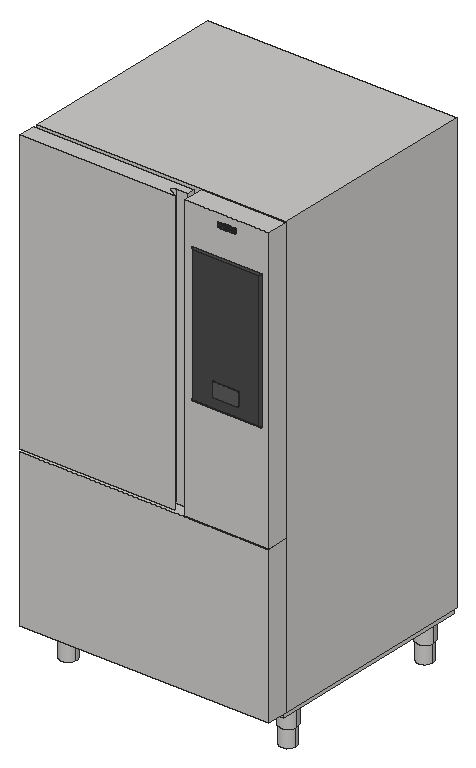
Revit family "QF_ZANUSSI_110547_ZBFA11E", category Specialty Equipment, Revit 2018 (continued)
Lines and regions (mm)
  Split face 234
    outline origin (-5.81, -295.149, -99.118) x (-1, 0, 0) y (0, 0, -1)
      loop
        line (490.638, -548.639) -> (600.654, -548.639) -> (600.654, -543.665) -> (490.638, -543.665) -> (490.638, -548.639)
  Split face 235
    outline origin (-5.81, -295.149, -89.618) x (-1, 0, 0) y (0, 0, -1)
      loop
        line (490.638, -548.639) -> (600.654, -548.639) -> (600.654, -543.665) -> (490.638, -543.665) -> (490.638, -548.639)
  Split face 236
    outline origin (-5.81, -295.149, -80.117) x (-1, 0, 0) y (0, 0, -1)
      loop
        line (490.638, -548.639) -> (600.654, -548.639) -> (600.654, -543.665) -> (490.638, -543.665) -> (490.638, -548.639)
  Split face 237
    outline origin (-5.81, -295.149, -70.617) x (-1, 0, 0) y (0, 0, -1)
      loop
        line (490.638, -548.639) -> (600.654, -548.639) -> (600.654, -543.665) -> (490.638, -543.665) -> (490.638, -548.639)
  Split face 238
    outline origin (-5.81, -295.149, -61.117) x (-1, 0, 0) y (0, 0, -1)
      loop
        line (490.638, -548.639) -> (600.654, -548.639) -> (600.654, -543.665) -> (490.638, -543.665) -> (490.638, -548.639)
  Split face 239
    outline origin (-5.81, -295.149, -51.617) x (-1, 0, 0) y (0, 0, -1)
      loop
        line (490.638, -548.639) -> (600.654, -548.639) -> (600.654, -543.665) -> (490.638, -543.665) -> (490.638, -548.639)
  Split face 240
    outline origin (-5.81, -295.149, -42.117) x (-1, 0, 0) y (0, 0, -1)
      loop
        line (490.638, -548.639) -> (600.654, -548.639) -> (600.654, -543.665) -> (490.638, -543.665) -> (490.638, -548.639)
  Split face 241
    outline origin (-5.81, -295.149, -32.617) x (-1, 0, 0) y (0, 0, -1)
      loop
        line (490.638, -548.639) -> (600.654, -548.639) -> (600.654, -543.665) -> (490.638, -543.665) -> (490.638, -548.639)
  Split face 242
    outline origin (-5.81, -295.149, -23.117) x (-1, 0, 0) y (0, 0, -1)
      loop
        line (490.638, -548.639) -> (600.654, -548.639) -> (600.654, -543.665) -> (490.638, -543.665) -> (490.638, -548.639)
  Split face 243
    outline origin (-5.81, -295.149, -13.617) x (-1, 0, 0) y (0, 0, -1)
      loop
        line (490.638, -548.639) -> (600.654, -548.639) -> (600.654, -543.665) -> (490.638, -543.665) -> (490.638, -548.639)
  Split face 244
    outline origin (-5.81, -295.149, -4.117) x (-1, 0, 0) y (0, 0, -1)
      loop
        line (490.638, -548.639) -> (600.654, -548.639) -> (600.654, -543.665) -> (490.638, -543.665) -> (490.638, -548.639)
  Split face 245
    outline origin (-5.81, -295.149, 5.383) x (-1, 0, 0) y (0, 0, -1)
      loop
        line (490.638, -548.639) -> (600.654, -548.639) -> (600.654, -543.665) -> (490.638, -543.665) -> (490.638, -548.639)
  Split face 246
    outline origin (-5.81, -295.149, 14.883) x (-1, 0, 0) y (0, 0, -1)
      loop
        line (490.638, -548.639) -> (600.654, -548.639) -> (600.654, -543.665) -> (490.638, -543.665) -> (490.638, -548.639)
  Split face 247
    outline origin (-125.802, -295.149, -365.12) x (-1, 0, 0) y (0, 0, -1)
      loop
        line (490.638, -548.639) -> (600.654, -548.639) -> (600.654, -543.665) -> (490.638, -543.665) -> (490.638, -548.639)
  Split face 248
    outline origin (-125.802, -295.149, -355.62) x (-1, 0, 0) y (0, 0, -1)
      loop
        line (490.638, -548.639) -> (600.654, -548.639) -> (600.654, -543.665) -> (490.638, -543.665) -> (490.638, -548.639)
  Split face 249
    outline origin (-125.802, -295.149, -346.12) x (-1, 0, 0) y (0, 0, -1)
      loop
        line (490.638, -548.639) -> (600.654, -548.639) -> (600.654, -543.665) -> (490.638, -543.665) -> (490.638, -548.639)
  Split face 250
    outline origin (-125.802, -295.149, -336.62) x (-1, 0, 0) y (0, 0, -1)
      loop
        line (490.638, -548.639) -> (600.654, -548.639) -> (600.654, -543.665) -> (490.638, -543.665) -> (490.638, -548.639)
  Split face 251
    outline origin (-125.802, -295.149, -327.12) x (-1, 0, 0) y (0, 0, -1)
      loop
        line (490.638, -548.639) -> (600.654, -548.639) -> (600.654, -543.665) -> (490.638, -543.665) -> (490.638, -548.639)
  Split face 252
    outline origin (-125.802, -295.149, -317.619) x (-1, 0, 0) y (0, 0, -1)
      loop
        line (490.638, -548.639) -> (600.654, -548.639) -> (600.654, -543.665) -> (490.638, -543.665) -> (490.638, -548.639)
  Split face 253
    outline origin (-125.802, -295.149, -308.119) x (-1, 0, 0) y (0, 0, -1)
      loop
        line (490.638, -548.639) -> (600.654, -548.639) -> (600.654, -543.665) -> (490.638, -543.665) -> (490.638, -548.639)
  Split face 254
    outline origin (-125.802, -295.149, -298.619) x (-1, 0, 0) y (0, 0, -1)
      loop
        line (490.638, -548.639) -> (600.654, -548.639) -> (600.654, -543.665) -> (490.638, -543.665) -> (490.638, -548.639)
  Split face 255
    outline origin (-125.802, -295.149, -289.119) x (-1, 0, 0) y (0, 0, -1)
      loop
        line (490.638, -548.639) -> (600.654, -548.639) -> (600.654, -543.665) -> (490.638, -543.665) -> (490.638, -548.639)
  Split face 256
    outline origin (-125.802, -295.149, -279.619) x (-1, 0, 0) y (0, 0, -1)
      loop
        line (490.638, -548.639) -> (600.654, -548.639) -> (600.654, -543.665) -> (490.638, -543.665) -> (490.638, -548.639)
  Split face 257
    outline origin (-125.802, -295.149, -270.119) x (-1, 0, 0) y (0, 0, -1)
      loop
        line (490.638, -548.639) -> (600.654, -548.639) -> (600.654, -543.665) -> (490.638, -543.665) -> (490.638, -548.639)
  Split face 258
    outline origin (-125.802, -295.149, -260.619) x (-1, 0, 0) y (0, 0, -1)
      loop
        line (490.638, -548.639) -> (600.654, -548.639) -> (600.654, -543.665) -> (490.638, -543.665) -> (490.638, -548.639)
  Split face 259
    outline origin (-125.802, -295.149, -251.119) x (-1, 0, 0) y (0, 0, -1)
      loop
        line (490.638, -548.639) -> (600.654, -548.639) -> (600.654, -543.665) -> (490.638, -543.665) -> (490.638, -548.639)
  Split face 260
    outline origin (-125.802, -295.149, -241.619) x (-1, 0, 0) y (0, 0, -1)
      loop
        line (490.638, -548.639) -> (600.654, -548.639) -> (600.654, -543.665) -> (490.638, -543.665) -> (490.638, -548.639)
  Split face 261
    outline origin (-125.802, -295.149, -232.119) x (-1, 0, 0) y (0, 0, -1)
      loop
        line (490.638, -548.639) -> (600.654, -548.639) -> (600.654, -543.665) -> (490.638, -543.665) -> (490.638, -548.639)
  Split face 262
    outline origin (-125.802, -295.149, -222.619) x (-1, 0, 0) y (0, 0, -1)
      loop
        line (490.638, -548.639) -> (600.654, -548.639) -> (600.654, -543.665) -> (490.638, -543.665) -> (490.638, -548.639)
  Split face 263
    outline origin (-125.802, -295.149, -213.119) x (-1, 0, 0) y (0, 0, -1)
      loop
        line (490.638, -548.639) -> (600.654, -548.639) -> (600.654, -543.665) -> (490.638, -543.665) -> (490.638, -548.639)
  Split face 264
    outline origin (-125.802, -295.149, -203.619) x (-1, 0, 0) y (0, 0, -1)
      loop
        line (490.638, -548.639) -> (600.654, -548.639) -> (600.654, -543.665) -> (490.638, -543.665) -> (490.638, -548.639)
  Split face 265
    outline origin (-125.802, -295.149, -194.118) x (-1, 0, 0) y (0, 0, -1)
      loop
        line (490.638, -548.639) -> (600.654, -548.639) -> (600.654, -543.665) -> (490.638, -543.665) -> (490.638, -548.639)
  Split face 266
    outline origin (-125.802, -295.149, -184.618) x (-1, 0, 0) y (0, 0, -1)
      loop
        line (490.638, -548.639) -> (600.654, -548.639) -> (600.654, -543.665) -> (490.638, -543.665) -> (490.638, -548.639)
  Split face 267
    outline origin (-125.802, -295.149, -175.118) x (-1, 0, 0) y (0, 0, -1)
      loop
        line (490.638, -548.639) -> (600.654, -548.639) -> (600.654, -543.665) -> (490.638, -543.665) -> (490.638, -548.639)
  Split face 268
    outline origin (-125.802, -295.149, -165.618) x (-1, 0, 0) y (0, 0, -1)
      loop
        line (490.638, -548.639) -> (600.654, -548.639) -> (600.654, -543.665) -> (490.638, -543.665) -> (490.638, -548.639)
  Split face 269
    outline origin (-125.802, -295.149, -156.118) x (-1, 0, 0) y (0, 0, -1)
      loop
        line (490.638, -548.639) -> (600.654, -548.639) -> (600.654, -543.665) -> (490.638, -543.665) -> (490.638, -548.639)
  Split face 270
    outline origin (-125.802, -295.149, -146.618) x (-1, 0, 0) y (0, 0, -1)
      loop
        line (490.638, -548.639) -> (600.654, -548.639) -> (600.654, -543.665) -> (490.638, -543.665) -> (490.638, -548.639)
  Split face 271
    outline origin (-125.802, -295.149, -137.118) x (-1, 0, 0) y (0, 0, -1)
      loop
        line (490.638, -548.639) -> (600.654, -548.639) -> (600.654, -543.665) -> (490.638, -543.665) -> (490.638, -548.639)
  Split face 272
    outline origin (-125.802, -295.149, -127.618) x (-1, 0, 0) y (0, 0, -1)
      loop
        line (490.638, -548.639) -> (600.654, -548.639) -> (600.654, -543.665) -> (490.638, -543.665) -> (490.638, -548.639)
  Split face 273
    outline origin (-125.802, -295.149, -118.118) x (-1, 0, 0) y (0, 0, -1)
      loop
        line (490.638, -548.639) -> (600.654, -548.639) -> (600.654, -543.665) -> (490.638, -543.665) -> (490.638, -548.639)
  Split face 274
    outline origin (-125.802, -295.149, -108.618) x (-1, 0, 0) y (0, 0, -1)
      loop
        line (490.638, -548.639) -> (600.654, -548.639) -> (600.654, -543.665) -> (490.638, -543.665) -> (490.638, -548.639)
  Split face 275
    outline origin (-125.802, -295.149, -99.118) x (-1, 0, 0) y (0, 0, -1)
      loop
        line (490.638, -548.639) -> (600.654, -548.639) -> (600.654, -543.665) -> (490.638, -543.665) -> (490.638, -548.639)
  Split face 276
    outline origin (-125.802, -295.149, -89.618) x (-1, 0, 0) y (0, 0, -1)
      loop
        line (490.638, -548.639) -> (600.654, -548.639) -> (600.654, -543.665) -> (490.638, -543.665) -> (490.638, -548.639)
  Split face 277
    outline origin (-125.802, -295.149, -80.117) x (-1, 0, 0) y (0, 0, -1)
      loop
        line (490.638, -548.639) -> (600.654, -548.639) -> (600.654, -543.665) -> (490.638, -543.665) -> (490.638, -548.639)
  Split face 278
    outline origin (-125.802, -295.149, -70.617) x (-1, 0, 0) y (0, 0, -1)
      loop
        line (490.638, -548.639) -> (600.654, -548.639) -> (600.654, -543.665) -> (490.638, -543.665) -> (490.638, -548.639)
  Split face 279
    outline origin (-125.802, -295.149, -61.117) x (-1, 0, 0) y (0, 0, -1)
      loop
        line (490.638, -548.639) -> (600.654, -548.639) -> (600.654, -543.665) -> (490.638, -543.665) -> (490.638, -548.639)
  Split face 280
    outline origin (-125.802, -295.149, -51.617) x (-1, 0, 0) y (0, 0, -1)
      loop
        line (490.638, -548.639) -> (600.654, -548.639) -> (600.654, -543.665) -> (490.638, -543.665) -> (490.638, -548.639)
  Split face 281
    outline origin (-125.802, -295.149, -42.117) x (-1, 0, 0) y (0, 0, -1)
      loop
        line (490.638, -548.639) -> (600.654, -548.639) -> (600.654, -543.665) -> (490.638, -543.665) -> (490.638, -548.639)
  Split face 282
    outline origin (-125.802, -295.149, -32.617) x (-1, 0, 0) y (0, 0, -1)
      loop
        line (490.638, -548.639) -> (600.654, -548.639) -> (600.654, -543.665) -> (490.638, -543.665) -> (490.638, -548.639)
  Split face 283
    outline origin (-125.802, -295.149, -23.117) x (-1, 0, 0) y (0, 0, -1)
      loop
        line (490.638, -548.639) -> (600.654, -548.639) -> (600.654, -543.665) -> (490.638, -543.665) -> (490.638, -548.639)
  Split face 284
    outline origin (-125.802, -295.149, -13.617) x (-1, 0, 0) y (0, 0, -1)
      loop
        line (490.638, -548.639) -> (600.654, -548.639) -> (600.654, -543.665) -> (490.638, -543.665) -> (490.638, -548.639)
  Split face 285
    outline origin (-125.802, -295.149, -4.117) x (-1, 0, 0) y (0, 0, -1)
      loop
        line (490.638, -548.639) -> (600.654, -548.639) -> (600.654, -543.665) -> (490.638, -543.665) -> (490.638, -548.639)
  Split face 286
    outline origin (-125.802, -295.149, 5.383) x (-1, 0, 0) y (0, 0, -1)
      loop
        line (490.638, -548.639) -> (600.654, -548.639) -> (600.654, -543.665) -> (490.638, -543.665) -> (490.638, -548.639)
  Split face 287
    outline origin (-125.802, -295.149, 14.883) x (-1, 0, 0) y (0, 0, -1)
      loop
        line (490.638, -548.639) -> (600.654, -548.639) -> (600.654, -543.665) -> (490.638, -543.665) -> (490.638, -548.639)
  symbolic lines
    curve 1: line (-759, 547.851, 1731) -> (136, 547.851, 1731)
    curve 2: line (-759, -219.149, 1731) -> (-759, 547.851, 1731)
    curve 3: line (136, -295.149, 1731) -> (-166, -295.149, 1731)
    curve 4: line (136, 547.851, 1731) -> (136, -295.149, 1731)
    curve 5: line (-139.183, 547.851, 1731) -> (-131.09, 639.851, 1731)
    curve 6: line (-131.09, 639.851, 1731) -> (33.141, 639.851, 1731)
    curve 7: line (33.141, 639.851, 1731) -> (41.234, 547.851, 1731)
    curve 8: line (56.5, 576.851, 1731) -> (77.5, 576.851, 1731)
    curve 9: line (77.5, 576.851, 1731) -> (77.5, 547.851, 1731)
    curve 10: line (56.5, 576.851, 1731) -> (56.5, 547.851, 1731)
    curve 11: line (104, -300.149, 1731) -> (-134, -300.149, 1731)
    curve 12: line (-134, -300.149, 1731) -> (-142, -295.149, 1731)
    curve 13: line (104, -300.149, 1731) -> (112, -295.149, 1731)
    curve 18: line (-166, -295.149, 0) -> (-166, -219.149, 0)
    curve 19: line (-166, -219.149, 0) -> (-759, -219.149, 0)
    curve 20: line (-759, -235.149, 0) -> (-180.8, -235.149, 0)
    curve 21: line (-759, -295.149, 0) -> (-759, -235.149, 0)
    curve 22: line (-202.762, -295.149, 0) -> (-759, -295.149, 0)
    curve 23: line (-180.8, -235.149, 0) -> (-180.8, -262.922, 0)
    curve 27: line (-180.8, -262.922, 0) -> (-226.108, -262.922, 0)
    curve 28: arc (-226.108, -262.922, 0) -> (-234.232, -269.056, 0) -> (-230.468, -278.514, 0) r 8.395
    curve 29: line (-230.468, -278.514, 0) -> (-202.762, -295.149, 0)
  symbolic lines, style "QF_Door-Drawer Clearances", visible <- "Show Clearance"
    curve 14: arc (-180.8, -295.149, 1731) -> (-338.805, -665.108, 1731) -> (-705, -831.649, 1731) r 556
    curve 15: line (-765, -809.687, 1731) -> (-765, -295.149, 1731)
    curve 16: line (-705, -831.649, 1731) -> (-732.773, -831.649, 1731)
    curve 17: line (-705, -831.649, 1731) -> (-705, -295.149, 1731)
  symbolic lines, style "QF_Door-Drawer Clearances"
    curve 24: line (-748.365, -781.981, 0) -> (-765, -809.687, 0)
    curve 25: arc (-732.773, -786.341, 0) -> (-738.907, -778.217, 0) -> (-748.365, -781.981, 0) r 8.395
    curve 26: line (-732.773, -831.649, 0) -> (-732.773, -786.341, 0)
Dimensions and locks
  equal spacing: plane 4 "LEFT", plane 3 "Center Y", plane 6 "RIGHT"
  plane 4 "LEFT" to plane 6 "RIGHT" = 895 mm
  plane 5 "BACK" to plane 7 "FRONT" = 843 mm
  equal spacing: plane 5 "BACK", plane 1 "Center X", plane 7 "FRONT"
  cut or joined group of Extrusion 1, Extrusion 2, Extrusion 3, Extrusion 5, Extrusion 6, Extrusion 7, Extrusion 11 to Extrusion 3 sketch curve = 826 mm
  level to Extrusion 3 sketch curve = 593 mm
  plane 5 "BACK" to Extrusion 6 sketch curve = 398 mm
  plane 4 "LEFT" to Extrusion 6 sketch curve = 400 mm
  Extrusion 3 sketch curve to plane 4 "LEFT" = 826 mm
  aligned and locked: level to plane 2
  aligned and locked: plane 12 to nested 3
  aligned and locked: plane 12 to nested 2
  aligned and locked: plane 10 to nested 1
  aligned and locked: plane 10 to nested 4
  aligned and locked: nested 4 to plane 11
  aligned and locked: nested 3 to plane 11
  aligned and locked: nested 1 to plane 13
  aligned and locked: nested 2 to plane 13
Automatic sketch dimensions
  Extrusion 1 sketch curve to plane 5 "BACK" = 0 mm
  Extrusion 1 sketch curve to plane 6 "RIGHT" = 0 mm
  Extrusion 1 sketch curve to plane 4 "LEFT" = 0 mm
  Extrusion 1 sketch curve to plane 13 = 75 mm
  Extrusion 2 sketch curve to plane 5 "BACK" = 0 mm
  Extrusion 2 sketch curve to plane 14 = 0 mm  (x5)
  Extrusion 2 sketch curve to plane 14 = 10 mm
  Extrusion 2 sketch curve to plane 14 = 8 mm
  Extrusion 2 sketch curve to plane 14 = 7.305 mm
  Extrusion 2 sketch curve to plane 14 = 4.997 mm
  plane 14 to Extrusion 2 sketch curve = 8.773 mm  (x4)
  plane 8 to Extrusion 2 sketch curve = 521.023 mm
  Extrusion 2 sketch curve to Extrusion 2 sketch curve = 7.476 mm
  Extrusion 2 sketch curve to Extrusion 2 sketch curve = 25.474 mm
  Extrusion 2 sketch curve to Extrusion 2 sketch curve = 9.313 mm  (x4)
  Extrusion 2 sketch curve to Extrusion 2 sketch curve = 31.38 mm  (x3)
  Extrusion 2 sketch curve to Extrusion 2 sketch curve = 32.916 mm
  Extrusion 2 sketch curve to Extrusion 2 sketch curve = 50.851 mm
  Extrusion 4 sketch curve to plane 6 "RIGHT" = 0 mm
  Extrusion 4 sketch curve to plane 4 "LEFT" = 0 mm
  Extrusion 4 sketch curve to plane 7 "FRONT" = 0 mm
  plane 7 "FRONT" to Extrusion 4 sketch curve = 75 mm
  Extrusion 5 sketch curve to plane 5 "BACK" = 0 mm
  Extrusion 5 sketch curve to plane 6 "RIGHT" = 9 mm
  plane 4 "LEFT" to Extrusion 5 sketch curve = 9 mm
  Extrusion 5 sketch curve to plane 13 = 73 mm
  Split face 1 sketch curve to Extrusion 4 = 32.492 mm
  Split face 1 sketch curve to Extrusion 4 = 28.525 mm
  Split face 1 sketch curve to Split face 1 sketch curve = 110.016 mm
  Split face 1 sketch curve to Split face 1 sketch curve = 4.974 mm
  Extrusion 7 sketch curve to plane 5 "BACK" = 0 mm  (x2)
  Extrusion 7 sketch curve to plane 14 = 0 mm  (x2)
  Extrusion 7 sketch curve to plane 12 = 41.135 mm
  Extrusion 7 sketch curve to Extrusion 7 sketch curve = 1.631 mm  (x2)
  Extrusion 7 sketch curve to Extrusion 7 sketch curve = 9.723 mm
  Extrusion 7 sketch curve to Extrusion 7 sketch curve = 164.232 mm
  Extrusion 7 sketch curve to Extrusion 7 sketch curve = 8.092 mm
  Extrusion 8 sketch curve to plane 4 "LEFT" = 0 mm
  Extrusion 8 sketch curve to plane 9 "TOP" = 0 mm
  plane 8 to Extrusion 8 sketch curve = 589.524 mm
  Extrusion 9 sketch curve to plane 7 "FRONT" = 0 mm
  Extrusion 9 sketch curve to plane 6 "RIGHT" = 0 mm
  plane 3 "Center Y" to Extrusion 9 sketch curve = 145.5 mm
  plane 7 "FRONT" to Extrusion 9 sketch curve = 75 mm
  plane 10 to Extrusion 11 sketch curve = 9 mm
  plane 3 "Center Y" to Extrusion 11 sketch curve = 80.7 mm
  Extrusion 11 sketch curve to plane 9 "TOP" = 60 mm
  plane 8 to Extrusion 11 sketch curve = 639 mm
  Split face 2 sketch curve to Extrusion 4 = 32.492 mm
  Split face 2 sketch curve to Extrusion 4 = 38.025 mm
  Split face 2 sketch curve to Split face 2 sketch curve = 110.016 mm
  Split face 2 sketch curve to Split face 2 sketch curve = 4.974 mm
  Split face 3 sketch curve to Extrusion 4 = 32.492 mm
  Split face 3 sketch curve to Extrusion 4 = 47.525 mm
  Split face 3 sketch curve to Split face 3 sketch curve = 110.016 mm
  Split face 3 sketch curve to Split face 3 sketch curve = 4.974 mm
  Split face 4 sketch curve to Extrusion 4 = 32.492 mm
  Split face 4 sketch curve to Split face 4 sketch curve = 110.016 mm
  Split face 4 sketch curve to Extrusion 4 = 61.999 mm
  Split face 4 sketch curve to Split face 4 sketch curve = 4.974 mm
  Split face 5 sketch curve to Extrusion 4 = 32.492 mm
  Split face 5 sketch curve to Split face 5 sketch curve = 110.016 mm
  Split face 5 sketch curve to Extrusion 4 = 71.499 mm
  Split face 5 sketch curve to Split face 5 sketch curve = 4.974 mm
  Split face 6 sketch curve to Extrusion 4 = 32.492 mm
  Split face 6 sketch curve to Split face 6 sketch curve = 110.016 mm
  Split face 6 sketch curve to Extrusion 4 = 80.999 mm
  Split face 6 sketch curve to Split face 6 sketch curve = 4.974 mm
  Split face 7 sketch curve to Extrusion 4 = 32.492 mm
  Split face 7 sketch curve to Split face 7 sketch curve = 110.016 mm
  Split face 7 sketch curve to Extrusion 4 = 90.499 mm
  Split face 7 sketch curve to Split face 7 sketch curve = 4.974 mm
  Split face 8 sketch curve to Extrusion 4 = 32.492 mm
  Split face 8 sketch curve to Split face 8 sketch curve = 110.016 mm
  Split face 8 sketch curve to Extrusion 4 = 99.999 mm
  Split face 8 sketch curve to Split face 8 sketch curve = 4.974 mm
  Split face 9 sketch curve to Extrusion 4 = 32.492 mm
  Split face 9 sketch curve to Split face 9 sketch curve = 110.016 mm
  Split face 9 sketch curve to Extrusion 4 = 109.499 mm
  Split face 9 sketch curve to Split face 9 sketch curve = 4.974 mm
  Split face 10 sketch curve to Extrusion 4 = 32.492 mm
  Split face 10 sketch curve to Split face 10 sketch curve = 110.016 mm
  Split face 10 sketch curve to Extrusion 4 = 119 mm
  Split face 10 sketch curve to Split face 10 sketch curve = 4.974 mm
  Split face 11 sketch curve to Extrusion 4 = 32.492 mm
  Split face 11 sketch curve to Split face 11 sketch curve = 110.016 mm
  Split face 11 sketch curve to Extrusion 4 = 128.5 mm
  Split face 11 sketch curve to Split face 11 sketch curve = 4.974 mm
  Split face 12 sketch curve to Extrusion 4 = 32.492 mm
  Split face 12 sketch curve to Split face 12 sketch curve = 110.016 mm
  Split face 12 sketch curve to Extrusion 4 = 138 mm
  Split face 12 sketch curve to Split face 12 sketch curve = 4.974 mm
  Split face 13 sketch curve to Extrusion 4 = 32.492 mm
  Split face 13 sketch curve to Split face 13 sketch curve = 110.016 mm
  Split face 13 sketch curve to Extrusion 4 = 147.5 mm
  Split face 13 sketch curve to Split face 13 sketch curve = 4.974 mm
  Split face 14 sketch curve to Extrusion 4 = 32.492 mm
  Split face 14 sketch curve to Split face 14 sketch curve = 110.016 mm
  Split face 14 sketch curve to Extrusion 4 = 157 mm
  Split face 14 sketch curve to Split face 14 sketch curve = 4.974 mm
  Split face 15 sketch curve to Extrusion 4 = 32.492 mm
  Split face 15 sketch curve to Split face 15 sketch curve = 110.016 mm
  Split face 15 sketch curve to Extrusion 4 = 166.5 mm
  Split face 15 sketch curve to Split face 15 sketch curve = 4.974 mm
  Split face 16 sketch curve to Extrusion 4 = 32.492 mm
  Split face 16 sketch curve to Split face 16 sketch curve = 110.016 mm
  Split face 16 sketch curve to Extrusion 4 = 176 mm
  Split face 16 sketch curve to Split face 16 sketch curve = 4.974 mm
  Split face 17 sketch curve to Extrusion 4 = 32.492 mm
  Split face 17 sketch curve to Split face 17 sketch curve = 110.016 mm
  Split face 17 sketch curve to Extrusion 4 = 185.5 mm
  Split face 17 sketch curve to Split face 17 sketch curve = 4.974 mm
  Split face 18 sketch curve to Extrusion 4 = 32.492 mm
  Split face 18 sketch curve to Split face 18 sketch curve = 110.016 mm
  Split face 18 sketch curve to Extrusion 4 = 195 mm
  Split face 18 sketch curve to Split face 18 sketch curve = 4.974 mm
  Split face 19 sketch curve to Extrusion 4 = 32.492 mm
  Split face 19 sketch curve to Split face 19 sketch curve = 110.016 mm
  Split face 19 sketch curve to Extrusion 4 = 204.5 mm
  Split face 19 sketch curve to Split face 19 sketch curve = 4.974 mm
  Split face 20 sketch curve to Extrusion 4 = 32.492 mm
  Split face 20 sketch curve to Split face 20 sketch curve = 110.016 mm
  Split face 20 sketch curve to Extrusion 4 = 214 mm
  Split face 20 sketch curve to Split face 20 sketch curve = 4.974 mm
  Split face 21 sketch curve to Extrusion 4 = 32.492 mm
  Split face 21 sketch curve to Split face 21 sketch curve = 110.016 mm
  Split face 21 sketch curve to Extrusion 4 = 223.5 mm
  Split face 21 sketch curve to Split face 21 sketch curve = 4.974 mm
  Split face 22 sketch curve to Extrusion 4 = 32.492 mm
  Split face 22 sketch curve to Split face 22 sketch curve = 110.016 mm
  Split face 22 sketch curve to Extrusion 4 = 233.001 mm
  Split face 22 sketch curve to Split face 22 sketch curve = 4.974 mm
  Split face 23 sketch curve to Extrusion 4 = 32.492 mm
  Split face 23 sketch curve to Split face 23 sketch curve = 110.016 mm
  Split face 23 sketch curve to Extrusion 4 = 242.501 mm
  Split face 23 sketch curve to Split face 23 sketch curve = 4.974 mm
  Split face 24 sketch curve to Extrusion 4 = 32.492 mm
  Split face 24 sketch curve to Split face 24 sketch curve = 110.016 mm
  Split face 24 sketch curve to Extrusion 4 = 252.001 mm
  Split face 24 sketch curve to Split face 24 sketch curve = 4.974 mm
  Split face 25 sketch curve to Extrusion 4 = 32.492 mm
  Split face 25 sketch curve to Split face 25 sketch curve = 110.016 mm
  Split face 25 sketch curve to Extrusion 4 = 261.501 mm
  Split face 25 sketch curve to Split face 25 sketch curve = 4.974 mm
  Split face 26 sketch curve to Extrusion 4 = 32.492 mm
  Split face 26 sketch curve to Split face 26 sketch curve = 110.016 mm
  Split face 26 sketch curve to Extrusion 4 = 271.001 mm
  Split face 26 sketch curve to Split face 26 sketch curve = 4.974 mm
  Split face 27 sketch curve to Extrusion 4 = 32.492 mm
  Split face 27 sketch curve to Split face 27 sketch curve = 110.016 mm
  Split face 27 sketch curve to Extrusion 4 = 279.479 mm
  Split face 27 sketch curve to Split face 27 sketch curve = 4.974 mm
  Split face 28 sketch curve to Extrusion 4 = 32.492 mm
  Split face 28 sketch curve to Split face 28 sketch curve = 110.016 mm
  Split face 28 sketch curve to Extrusion 4 = 269.979 mm
  Split face 28 sketch curve to Split face 28 sketch curve = 4.974 mm
  Split face 29 sketch curve to Extrusion 4 = 32.492 mm
  Split face 29 sketch curve to Split face 29 sketch curve = 110.016 mm
  Split face 29 sketch curve to Extrusion 4 = 260.479 mm
  Split face 29 sketch curve to Split face 29 sketch curve = 4.974 mm
  Split face 30 sketch curve to Extrusion 4 = 32.492 mm
  Split face 30 sketch curve to Split face 30 sketch curve = 110.016 mm
  Split face 30 sketch curve to Extrusion 4 = 250.978 mm
  Split face 30 sketch curve to Split face 30 sketch curve = 4.974 mm
  Split face 31 sketch curve to Extrusion 4 = 32.492 mm
  Split face 31 sketch curve to Split face 31 sketch curve = 110.016 mm
  Split face 31 sketch curve to Extrusion 4 = 241.478 mm
  Split face 31 sketch curve to Split face 31 sketch curve = 4.974 mm
  Split face 32 sketch curve to Extrusion 4 = 32.492 mm
  Split face 32 sketch curve to Split face 32 sketch curve = 110.016 mm
  Split face 32 sketch curve to Extrusion 4 = 231.978 mm
  Split face 32 sketch curve to Split face 32 sketch curve = 4.974 mm
  Split face 33 sketch curve to Extrusion 4 = 32.492 mm
  Split face 33 sketch curve to Split face 33 sketch curve = 110.016 mm
  Split face 33 sketch curve to Extrusion 4 = 222.478 mm
  Split face 33 sketch curve to Split face 33 sketch curve = 4.974 mm
  Split face 34 sketch curve to Extrusion 4 = 32.492 mm
  Split face 34 sketch curve to Split face 34 sketch curve = 110.016 mm
  Split face 34 sketch curve to Extrusion 4 = 212.978 mm
  Split face 34 sketch curve to Split face 34 sketch curve = 4.974 mm
  Split face 35 sketch curve to Extrusion 4 = 32.492 mm
  Split face 35 sketch curve to Split face 35 sketch curve = 110.016 mm
  Split face 35 sketch curve to Extrusion 4 = 203.478 mm
  Split face 35 sketch curve to Split face 35 sketch curve = 4.974 mm
  Split face 36 sketch curve to Extrusion 4 = 32.492 mm
  Split face 36 sketch curve to Split face 36 sketch curve = 110.016 mm
  Split face 36 sketch curve to Extrusion 4 = 193.978 mm
  Split face 36 sketch curve to Split face 36 sketch curve = 4.974 mm
  Split face 37 sketch curve to Extrusion 4 = 32.492 mm
  Split face 37 sketch curve to Split face 37 sketch curve = 110.016 mm
  Split face 37 sketch curve to Extrusion 4 = 184.478 mm
  Split face 37 sketch curve to Split face 37 sketch curve = 4.974 mm
  Split face 38 sketch curve to Extrusion 4 = 32.492 mm
  Split face 38 sketch curve to Split face 38 sketch curve = 110.016 mm
  Split face 38 sketch curve to Extrusion 4 = 174.978 mm
  Split face 38 sketch curve to Split face 38 sketch curve = 4.974 mm
  Split face 39 sketch curve to Extrusion 4 = 32.492 mm
  Split face 39 sketch curve to Split face 39 sketch curve = 110.016 mm
  Split face 39 sketch curve to Extrusion 4 = 165.478 mm
  Split face 39 sketch curve to Split face 39 sketch curve = 4.974 mm
  Split face 40 sketch curve to Extrusion 4 = 32.492 mm
  Split face 40 sketch curve to Split face 40 sketch curve = 110.016 mm
  Split face 40 sketch curve to Extrusion 4 = 155.978 mm
  Split face 40 sketch curve to Split face 40 sketch curve = 4.974 mm
  Split face 41 sketch curve to Extrusion 4 = 32.492 mm
  Split face 41 sketch curve to Split face 41 sketch curve = 110.016 mm
  Split face 41 sketch curve to Extrusion 4 = 146.478 mm
  Split face 41 sketch curve to Split face 41 sketch curve = 4.974 mm
  Split face 42 sketch curve to Extrusion 4 = 33.499 mm
  Split face 42 sketch curve to Extrusion 4 = 152.483 mm
  Split face 42 sketch curve to Extrusion 4 = 28.525 mm
  Split face 42 sketch curve to Split face 42 sketch curve = 110.016 mm
  Split face 43 sketch curve to Extrusion 4 = 42.999 mm
  Split face 43 sketch curve to Extrusion 4 = 152.483 mm
  Split face 43 sketch curve to Extrusion 4 = 38.025 mm
  Split face 43 sketch curve to Split face 43 sketch curve = 110.016 mm
  Split face 44 sketch curve to Extrusion 4 = 52.499 mm
  Split face 44 sketch curve to Extrusion 4 = 152.483 mm
  Split face 44 sketch curve to Extrusion 4 = 47.525 mm
  Split face 44 sketch curve to Split face 44 sketch curve = 110.016 mm
  Split face 45 sketch curve to Extrusion 4 = 61.999 mm
  Split face 45 sketch curve to Extrusion 4 = 152.483 mm
  Split face 45 sketch curve to Split face 45 sketch curve = 110.016 mm
  Split face 45 sketch curve to Split face 45 sketch curve = 4.974 mm
  Split face 46 sketch curve to Extrusion 4 = 71.499 mm
  Split face 46 sketch curve to Extrusion 4 = 152.483 mm
  Split face 46 sketch curve to Split face 46 sketch curve = 110.016 mm
  Split face 46 sketch curve to Split face 46 sketch curve = 4.974 mm
  Split face 47 sketch curve to Extrusion 4 = 152.483 mm
  Split face 47 sketch curve to Split face 47 sketch curve = 110.016 mm
  Split face 47 sketch curve to Extrusion 4 = 80.999 mm
  Split face 47 sketch curve to Split face 47 sketch curve = 4.974 mm
  Split face 48 sketch curve to Extrusion 4 = 152.483 mm
  Split face 48 sketch curve to Split face 48 sketch curve = 110.016 mm
  Split face 48 sketch curve to Extrusion 4 = 90.499 mm
  Split face 48 sketch curve to Split face 48 sketch curve = 4.974 mm
  Split face 49 sketch curve to Extrusion 4 = 152.483 mm
  Split face 49 sketch curve to Split face 49 sketch curve = 110.016 mm
  Split face 49 sketch curve to Extrusion 4 = 99.999 mm
  Split face 49 sketch curve to Split face 49 sketch curve = 4.974 mm
  Split face 50 sketch curve to Extrusion 4 = 152.483 mm
  Split face 50 sketch curve to Split face 50 sketch curve = 110.016 mm
  Split face 50 sketch curve to Extrusion 4 = 109.499 mm
  Split face 50 sketch curve to Split face 50 sketch curve = 4.974 mm
  Split face 51 sketch curve to Extrusion 4 = 152.483 mm
  Split face 51 sketch curve to Split face 51 sketch curve = 110.016 mm
  Split face 51 sketch curve to Extrusion 4 = 119 mm
  Split face 51 sketch curve to Split face 51 sketch curve = 4.974 mm
  Split face 52 sketch curve to Extrusion 4 = 152.483 mm
  Split face 52 sketch curve to Split face 52 sketch curve = 110.016 mm
  Split face 52 sketch curve to Extrusion 4 = 128.5 mm
  Split face 52 sketch curve to Split face 52 sketch curve = 4.974 mm
  Split face 53 sketch curve to Extrusion 4 = 152.483 mm
  Split face 53 sketch curve to Split face 53 sketch curve = 110.016 mm
  Split face 53 sketch curve to Extrusion 4 = 138 mm
  Split face 53 sketch curve to Split face 53 sketch curve = 4.974 mm
  Split face 54 sketch curve to Extrusion 4 = 152.483 mm
  Split face 54 sketch curve to Split face 54 sketch curve = 110.016 mm
  Split face 54 sketch curve to Extrusion 4 = 147.5 mm
  Split face 54 sketch curve to Split face 54 sketch curve = 4.974 mm
  Split face 55 sketch curve to Extrusion 4 = 152.483 mm
  Split face 55 sketch curve to Split face 55 sketch curve = 110.016 mm
  Split face 55 sketch curve to Extrusion 4 = 157 mm
  Split face 55 sketch curve to Split face 55 sketch curve = 4.974 mm
  Split face 56 sketch curve to Extrusion 4 = 152.483 mm
  Split face 56 sketch curve to Split face 56 sketch curve = 110.016 mm
  Split face 56 sketch curve to Extrusion 4 = 166.5 mm
  Split face 56 sketch curve to Split face 56 sketch curve = 4.974 mm
  Split face 57 sketch curve to Extrusion 4 = 152.483 mm
  Split face 57 sketch curve to Split face 57 sketch curve = 110.016 mm
  Split face 57 sketch curve to Extrusion 4 = 176 mm
  Split face 57 sketch curve to Split face 57 sketch curve = 4.974 mm
  Split face 58 sketch curve to Extrusion 4 = 152.483 mm
  Split face 58 sketch curve to Split face 58 sketch curve = 110.016 mm
  Split face 58 sketch curve to Extrusion 4 = 185.5 mm
  Split face 58 sketch curve to Split face 58 sketch curve = 4.974 mm
  Split face 59 sketch curve to Extrusion 4 = 152.483 mm
  Split face 59 sketch curve to Split face 59 sketch curve = 110.016 mm
  Split face 59 sketch curve to Extrusion 4 = 195 mm
  Split face 59 sketch curve to Split face 59 sketch curve = 4.974 mm
  Split face 60 sketch curve to Extrusion 4 = 152.483 mm
  Split face 60 sketch curve to Split face 60 sketch curve = 110.016 mm
  Split face 60 sketch curve to Extrusion 4 = 204.5 mm
  Split face 60 sketch curve to Split face 60 sketch curve = 4.974 mm
  Split face 61 sketch curve to Extrusion 4 = 152.483 mm
  Split face 61 sketch curve to Split face 61 sketch curve = 110.016 mm
  Split face 61 sketch curve to Extrusion 4 = 214 mm
  Split face 61 sketch curve to Split face 61 sketch curve = 4.974 mm
  Split face 62 sketch curve to Extrusion 4 = 152.483 mm
  Split face 62 sketch curve to Split face 62 sketch curve = 110.016 mm
  Split face 62 sketch curve to Extrusion 4 = 223.5 mm
  Split face 62 sketch curve to Split face 62 sketch curve = 4.974 mm
  Split face 63 sketch curve to Extrusion 4 = 152.483 mm
  Split face 63 sketch curve to Split face 63 sketch curve = 110.016 mm
  Split face 63 sketch curve to Extrusion 4 = 233.001 mm
  Split face 63 sketch curve to Split face 63 sketch curve = 4.974 mm
  Split face 64 sketch curve to Extrusion 4 = 152.483 mm
  Split face 64 sketch curve to Split face 64 sketch curve = 110.016 mm
  Split face 64 sketch curve to Extrusion 4 = 242.501 mm
  Split face 64 sketch curve to Split face 64 sketch curve = 4.974 mm
  Split face 65 sketch curve to Extrusion 4 = 152.483 mm
  Split face 65 sketch curve to Split face 65 sketch curve = 110.016 mm
  Split face 65 sketch curve to Extrusion 4 = 252.001 mm
  Split face 65 sketch curve to Split face 65 sketch curve = 4.974 mm
  Split face 66 sketch curve to Extrusion 4 = 152.483 mm
  Split face 66 sketch curve to Split face 66 sketch curve = 110.016 mm
  Split face 66 sketch curve to Extrusion 4 = 261.501 mm
  Split face 66 sketch curve to Split face 66 sketch curve = 4.974 mm
  Split face 67 sketch curve to Extrusion 4 = 152.483 mm
  Split face 67 sketch curve to Split face 67 sketch curve = 110.016 mm
  Split face 67 sketch curve to Extrusion 4 = 271.001 mm
  Split face 67 sketch curve to Split face 67 sketch curve = 4.974 mm
  Split face 68 sketch curve to Extrusion 4 = 152.483 mm
  Split face 68 sketch curve to Split face 68 sketch curve = 110.016 mm
  Split face 68 sketch curve to Extrusion 4 = 279.479 mm
  Split face 68 sketch curve to Split face 68 sketch curve = 4.974 mm
  Split face 69 sketch curve to Extrusion 4 = 152.483 mm
  Split face 69 sketch curve to Split face 69 sketch curve = 110.016 mm
  Split face 69 sketch curve to Extrusion 4 = 269.979 mm
  Split face 69 sketch curve to Split face 69 sketch curve = 4.974 mm
  Split face 70 sketch curve to Extrusion 4 = 152.483 mm
  Split face 70 sketch curve to Split face 70 sketch curve = 110.016 mm
  Split face 70 sketch curve to Extrusion 4 = 260.479 mm
  Split face 70 sketch curve to Split face 70 sketch curve = 4.974 mm
  Split face 71 sketch curve to Extrusion 4 = 152.483 mm
  Split face 71 sketch curve to Split face 71 sketch curve = 110.016 mm
  Split face 71 sketch curve to Extrusion 4 = 250.978 mm
  Split face 71 sketch curve to Split face 71 sketch curve = 4.974 mm
  Split face 72 sketch curve to Extrusion 4 = 152.483 mm
  Split face 72 sketch curve to Split face 72 sketch curve = 110.016 mm
  Split face 72 sketch curve to Extrusion 4 = 241.478 mm
  Split face 72 sketch curve to Split face 72 sketch curve = 4.974 mm
  Split face 73 sketch curve to Extrusion 4 = 152.483 mm
  Split face 73 sketch curve to Split face 73 sketch curve = 110.016 mm
  Split face 73 sketch curve to Extrusion 4 = 231.978 mm
  Split face 73 sketch curve to Split face 73 sketch curve = 4.974 mm
  Split face 74 sketch curve to Extrusion 4 = 152.483 mm
  Split face 74 sketch curve to Split face 74 sketch curve = 110.016 mm
  Split face 74 sketch curve to Extrusion 4 = 222.478 mm
  Split face 74 sketch curve to Split face 74 sketch curve = 4.974 mm
  Split face 75 sketch curve to Extrusion 4 = 152.483 mm
  Split face 75 sketch curve to Split face 75 sketch curve = 110.016 mm
  Split face 75 sketch curve to Extrusion 4 = 212.978 mm
  Split face 75 sketch curve to Split face 75 sketch curve = 4.974 mm
  Split face 76 sketch curve to Extrusion 4 = 152.483 mm
  Split face 76 sketch curve to Split face 76 sketch curve = 110.016 mm
  Split face 76 sketch curve to Extrusion 4 = 203.478 mm
  Split face 76 sketch curve to Split face 76 sketch curve = 4.974 mm
  Split face 77 sketch curve to Extrusion 4 = 152.483 mm
  Split face 77 sketch curve to Split face 77 sketch curve = 110.016 mm
  Split face 77 sketch curve to Extrusion 4 = 193.978 mm
  Split face 77 sketch curve to Split face 77 sketch curve = 4.974 mm
  Split face 78 sketch curve to Extrusion 4 = 152.483 mm
  Split face 78 sketch curve to Split face 78 sketch curve = 110.016 mm
  Split face 78 sketch curve to Extrusion 4 = 184.478 mm
  Split face 78 sketch curve to Split face 78 sketch curve = 4.974 mm
  Split face 79 sketch curve to Extrusion 4 = 152.483 mm
  Split face 79 sketch curve to Split face 79 sketch curve = 110.016 mm
  Split face 79 sketch curve to Extrusion 4 = 174.978 mm
  Split face 79 sketch curve to Split face 79 sketch curve = 4.974 mm
  Split face 80 sketch curve to Extrusion 4 = 152.483 mm
  Split face 80 sketch curve to Split face 80 sketch curve = 110.016 mm
  Split face 80 sketch curve to Extrusion 4 = 165.478 mm
  Split face 80 sketch curve to Split face 80 sketch curve = 4.974 mm
  Split face 81 sketch curve to Extrusion 4 = 152.483 mm
  Split face 81 sketch curve to Split face 81 sketch curve = 110.016 mm
  Split face 81 sketch curve to Extrusion 4 = 155.978 mm
  Split face 81 sketch curve to Split face 81 sketch curve = 4.974 mm
  Split face 82 sketch curve to Extrusion 4 = 152.483 mm
  Split face 82 sketch curve to Split face 82 sketch curve = 110.016 mm
  Split face 82 sketch curve to Extrusion 4 = 146.478 mm
  Split face 82 sketch curve to Split face 82 sketch curve = 4.974 mm
  Split face 83 sketch curve to Extrusion 4 = 33.499 mm
  Split face 83 sketch curve to Extrusion 4 = 272.474 mm
  Split face 83 sketch curve to Extrusion 4 = 28.525 mm
  Split face 83 sketch curve to Split face 83 sketch curve = 110.016 mm
  Split face 84 sketch curve to Extrusion 4 = 42.999 mm
  Split face 84 sketch curve to Extrusion 4 = 272.474 mm
  Split face 84 sketch curve to Extrusion 4 = 38.025 mm
  Split face 84 sketch curve to Split face 84 sketch curve = 110.016 mm
  Split face 85 sketch curve to Extrusion 4 = 52.499 mm
  Split face 85 sketch curve to Extrusion 4 = 272.474 mm
  Split face 85 sketch curve to Extrusion 4 = 47.525 mm
  Split face 85 sketch curve to Split face 85 sketch curve = 110.016 mm
  Split face 86 sketch curve to Extrusion 4 = 61.999 mm
  Split face 86 sketch curve to Extrusion 4 = 272.474 mm
  Split face 86 sketch curve to Split face 86 sketch curve = 110.016 mm
  Split face 86 sketch curve to Split face 86 sketch curve = 4.974 mm
  Split face 87 sketch curve to Extrusion 4 = 71.499 mm
  Split face 87 sketch curve to Extrusion 4 = 272.474 mm
  Split face 87 sketch curve to Split face 87 sketch curve = 110.016 mm
  Split face 87 sketch curve to Split face 87 sketch curve = 4.974 mm
  Split face 88 sketch curve to Extrusion 4 = 80.999 mm
  Split face 88 sketch curve to Extrusion 4 = 272.474 mm
  Split face 88 sketch curve to Split face 88 sketch curve = 110.016 mm
  Split face 88 sketch curve to Split face 88 sketch curve = 4.974 mm
  Split face 89 sketch curve to Extrusion 4 = 90.499 mm
  Split face 89 sketch curve to Extrusion 4 = 272.474 mm
  Split face 89 sketch curve to Split face 89 sketch curve = 110.016 mm
  Split face 89 sketch curve to Split face 89 sketch curve = 4.974 mm
  Split face 90 sketch curve to Extrusion 4 = 99.999 mm
  Split face 90 sketch curve to Extrusion 4 = 272.474 mm
  Split face 90 sketch curve to Split face 90 sketch curve = 110.016 mm
  Split face 90 sketch curve to Split face 90 sketch curve = 4.974 mm
  Split face 91 sketch curve to Extrusion 4 = 109.499 mm
  Split face 91 sketch curve to Extrusion 4 = 272.474 mm
  Split face 91 sketch curve to Split face 91 sketch curve = 110.016 mm
  Split face 91 sketch curve to Split face 91 sketch curve = 4.974 mm
  Split face 92 sketch curve to Extrusion 4 = 119 mm
  Split face 92 sketch curve to Extrusion 4 = 272.474 mm
  Split face 92 sketch curve to Split face 92 sketch curve = 110.016 mm
  Split face 92 sketch curve to Split face 92 sketch curve = 4.974 mm
  Split face 93 sketch curve to Extrusion 4 = 128.5 mm
  Split face 93 sketch curve to Extrusion 4 = 272.474 mm
  Split face 93 sketch curve to Split face 93 sketch curve = 110.016 mm
  Split face 93 sketch curve to Split face 93 sketch curve = 4.974 mm
  Split face 94 sketch curve to Extrusion 4 = 272.474 mm
  Split face 94 sketch curve to Split face 94 sketch curve = 110.016 mm
  Split face 94 sketch curve to Extrusion 4 = 138 mm
  Split face 94 sketch curve to Split face 94 sketch curve = 4.974 mm
  Split face 95 sketch curve to Extrusion 4 = 272.474 mm
  Split face 95 sketch curve to Split face 95 sketch curve = 110.016 mm
  Split face 95 sketch curve to Extrusion 4 = 147.5 mm
  Split face 95 sketch curve to Split face 95 sketch curve = 4.974 mm
  Split face 96 sketch curve to Extrusion 4 = 272.474 mm
  Split face 96 sketch curve to Split face 96 sketch curve = 110.016 mm
  Split face 96 sketch curve to Extrusion 4 = 157 mm
  Split face 96 sketch curve to Split face 96 sketch curve = 4.974 mm
  Split face 97 sketch curve to Extrusion 4 = 272.474 mm
  Split face 97 sketch curve to Split face 97 sketch curve = 110.016 mm
  Split face 97 sketch curve to Extrusion 4 = 166.5 mm
  Split face 97 sketch curve to Split face 97 sketch curve = 4.974 mm
  Split face 98 sketch curve to Extrusion 4 = 272.474 mm
  Split face 98 sketch curve to Split face 98 sketch curve = 110.016 mm
  Split face 98 sketch curve to Extrusion 4 = 176 mm
  Split face 98 sketch curve to Split face 98 sketch curve = 4.974 mm
  Split face 99 sketch curve to Extrusion 4 = 272.474 mm
  Split face 99 sketch curve to Split face 99 sketch curve = 110.016 mm
  Split face 99 sketch curve to Extrusion 4 = 185.5 mm
  Split face 99 sketch curve to Split face 99 sketch curve = 4.974 mm
  Split face 100 sketch curve to Extrusion 4 = 272.474 mm
  Split face 100 sketch curve to Split face 100 sketch curve = 110.016 mm
  Split face 100 sketch curve to Extrusion 4 = 195 mm
  Split face 100 sketch curve to Split face 100 sketch curve = 4.974 mm
  Split face 101 sketch curve to Extrusion 4 = 272.474 mm
  Split face 101 sketch curve to Split face 101 sketch curve = 110.016 mm
  Split face 101 sketch curve to Extrusion 4 = 204.5 mm
  Split face 101 sketch curve to Split face 101 sketch curve = 4.974 mm
  Split face 102 sketch curve to Extrusion 4 = 272.474 mm
  Split face 102 sketch curve to Split face 102 sketch curve = 110.016 mm
  Split face 102 sketch curve to Extrusion 4 = 214 mm
  Split face 102 sketch curve to Split face 102 sketch curve = 4.974 mm
  Split face 103 sketch curve to Extrusion 4 = 272.474 mm
  Split face 103 sketch curve to Split face 103 sketch curve = 110.016 mm
  Split face 103 sketch curve to Extrusion 4 = 223.5 mm
  Split face 103 sketch curve to Split face 103 sketch curve = 4.974 mm
  Split face 104 sketch curve to Extrusion 4 = 272.474 mm
  Split face 104 sketch curve to Split face 104 sketch curve = 110.016 mm
  Split face 104 sketch curve to Extrusion 4 = 233.001 mm
  Split face 104 sketch curve to Split face 104 sketch curve = 4.974 mm
  Split face 105 sketch curve to Extrusion 4 = 272.474 mm
  Split face 105 sketch curve to Split face 105 sketch curve = 110.016 mm
  Split face 105 sketch curve to Extrusion 4 = 242.501 mm
  Split face 105 sketch curve to Split face 105 sketch curve = 4.974 mm
  Split face 106 sketch curve to Extrusion 4 = 272.474 mm
  Split face 106 sketch curve to Split face 106 sketch curve = 110.016 mm
  Split face 106 sketch curve to Extrusion 4 = 252.001 mm
  Split face 106 sketch curve to Split face 106 sketch curve = 4.974 mm
  Split face 107 sketch curve to Extrusion 4 = 272.474 mm
  Split face 107 sketch curve to Split face 107 sketch curve = 110.016 mm
  Split face 107 sketch curve to Extrusion 4 = 261.501 mm
  Split face 107 sketch curve to Split face 107 sketch curve = 4.974 mm
  Split face 108 sketch curve to Extrusion 4 = 272.474 mm
  Split face 108 sketch curve to Split face 108 sketch curve = 110.016 mm
  Split face 108 sketch curve to Extrusion 4 = 271.001 mm
  Split face 108 sketch curve to Split face 108 sketch curve = 4.974 mm
  Split face 109 sketch curve to Extrusion 4 = 272.474 mm
  Split face 109 sketch curve to Split face 109 sketch curve = 110.016 mm
  Split face 109 sketch curve to Extrusion 4 = 279.479 mm
  Split face 109 sketch curve to Split face 109 sketch curve = 4.974 mm
  Split face 110 sketch curve to Extrusion 4 = 272.474 mm
  Split face 110 sketch curve to Split face 110 sketch curve = 110.016 mm
  Split face 110 sketch curve to Extrusion 4 = 269.979 mm
  Split face 110 sketch curve to Split face 110 sketch curve = 4.974 mm
  Split face 111 sketch curve to Extrusion 4 = 272.474 mm
  Split face 111 sketch curve to Split face 111 sketch curve = 110.016 mm
  Split face 111 sketch curve to Extrusion 4 = 260.479 mm
  Split face 111 sketch curve to Split face 111 sketch curve = 4.974 mm
  Split face 112 sketch curve to Extrusion 4 = 272.474 mm
  Split face 112 sketch curve to Split face 112 sketch curve = 110.016 mm
  Split face 112 sketch curve to Extrusion 4 = 250.978 mm
  Split face 112 sketch curve to Split face 112 sketch curve = 4.974 mm
  Split face 113 sketch curve to Extrusion 4 = 272.474 mm
  Split face 113 sketch curve to Split face 113 sketch curve = 110.016 mm
  Split face 113 sketch curve to Extrusion 4 = 241.478 mm
  Split face 113 sketch curve to Split face 113 sketch curve = 4.974 mm
  Split face 114 sketch curve to Extrusion 4 = 272.474 mm
  Split face 114 sketch curve to Split face 114 sketch curve = 110.016 mm
  Split face 114 sketch curve to Extrusion 4 = 231.978 mm
  Split face 114 sketch curve to Split face 114 sketch curve = 4.974 mm
  Split face 115 sketch curve to Extrusion 4 = 272.474 mm
  Split face 115 sketch curve to Split face 115 sketch curve = 110.016 mm
  Split face 115 sketch curve to Extrusion 4 = 222.478 mm
  Split face 115 sketch curve to Split face 115 sketch curve = 4.974 mm
  Split face 116 sketch curve to Extrusion 4 = 272.474 mm
  Split face 116 sketch curve to Split face 116 sketch curve = 110.016 mm
  Split face 116 sketch curve to Extrusion 4 = 212.978 mm
  Split face 116 sketch curve to Split face 116 sketch curve = 4.974 mm
  Split face 117 sketch curve to Extrusion 4 = 272.474 mm
  Split face 117 sketch curve to Split face 117 sketch curve = 110.016 mm
  Split face 117 sketch curve to Extrusion 4 = 203.478 mm
  Split face 117 sketch curve to Split face 117 sketch curve = 4.974 mm
  Split face 118 sketch curve to Extrusion 4 = 272.474 mm
  Split face 118 sketch curve to Split face 118 sketch curve = 110.016 mm
  Split face 118 sketch curve to Extrusion 4 = 193.978 mm
  Split face 118 sketch curve to Split face 118 sketch curve = 4.974 mm
  Split face 119 sketch curve to Extrusion 4 = 272.474 mm
  Split face 119 sketch curve to Split face 119 sketch curve = 110.016 mm
  Split face 119 sketch curve to Extrusion 4 = 184.478 mm
  Split face 119 sketch curve to Split face 119 sketch curve = 4.974 mm
  Split face 120 sketch curve to Extrusion 4 = 272.474 mm
  Split face 120 sketch curve to Split face 120 sketch curve = 110.016 mm
  Split face 120 sketch curve to Extrusion 4 = 174.978 mm
  Split face 120 sketch curve to Split face 120 sketch curve = 4.974 mm
  Split face 121 sketch curve to Extrusion 4 = 272.474 mm
  Split face 121 sketch curve to Split face 121 sketch curve = 110.016 mm
  Split face 121 sketch curve to Extrusion 4 = 165.478 mm
  Split face 121 sketch curve to Split face 121 sketch curve = 4.974 mm
  Split face 122 sketch curve to Extrusion 4 = 272.474 mm
  Split face 122 sketch curve to Split face 122 sketch curve = 110.016 mm
  Split face 122 sketch curve to Extrusion 4 = 155.978 mm
  Split face 122 sketch curve to Split face 122 sketch curve = 4.974 mm
  Split face 123 sketch curve to Extrusion 4 = 272.474 mm
  Split face 123 sketch curve to Split face 123 sketch curve = 110.016 mm
  Split face 123 sketch curve to Extrusion 4 = 146.478 mm
  Split face 123 sketch curve to Split face 123 sketch curve = 4.974 mm
  Split face 124 sketch curve to Extrusion 4 = 33.499 mm
  Split face 124 sketch curve to Extrusion 4 = 392.465 mm
  Split face 124 sketch curve to Extrusion 4 = 28.525 mm
  Split face 124 sketch curve to Split face 124 sketch curve = 110.016 mm
  Split face 125 sketch curve to Extrusion 4 = 42.999 mm
  Split face 125 sketch curve to Extrusion 4 = 392.465 mm
  Split face 125 sketch curve to Extrusion 4 = 38.025 mm
  Split face 125 sketch curve to Split face 125 sketch curve = 110.016 mm
  Split face 126 sketch curve to Extrusion 4 = 52.499 mm
  Split face 126 sketch curve to Extrusion 4 = 392.465 mm
  Split face 126 sketch curve to Extrusion 4 = 47.525 mm
  Split face 126 sketch curve to Split face 126 sketch curve = 110.016 mm
  Split face 127 sketch curve to Extrusion 4 = 61.999 mm
  Split face 127 sketch curve to Extrusion 4 = 392.465 mm
  Split face 127 sketch curve to Split face 127 sketch curve = 110.016 mm
  Split face 127 sketch curve to Split face 127 sketch curve = 4.974 mm
  Split face 128 sketch curve to Extrusion 4 = 71.499 mm
  Split face 128 sketch curve to Extrusion 4 = 392.465 mm
  Split face 128 sketch curve to Split face 128 sketch curve = 110.016 mm
  Split face 128 sketch curve to Split face 128 sketch curve = 4.974 mm
  Split face 129 sketch curve to Extrusion 4 = 80.999 mm
  Split face 129 sketch curve to Extrusion 4 = 392.465 mm
  Split face 129 sketch curve to Split face 129 sketch curve = 110.016 mm
  Split face 129 sketch curve to Split face 129 sketch curve = 4.974 mm
  Split face 130 sketch curve to Extrusion 4 = 90.499 mm
  Split face 130 sketch curve to Extrusion 4 = 392.465 mm
  Split face 130 sketch curve to Split face 130 sketch curve = 110.016 mm
  Split face 130 sketch curve to Split face 130 sketch curve = 4.974 mm
  Split face 131 sketch curve to Extrusion 4 = 99.999 mm
  Split face 131 sketch curve to Extrusion 4 = 392.465 mm
  Split face 131 sketch curve to Split face 131 sketch curve = 110.016 mm
  Split face 131 sketch curve to Split face 131 sketch curve = 4.974 mm
  Split face 132 sketch curve to Extrusion 4 = 109.499 mm
  Split face 132 sketch curve to Extrusion 4 = 392.465 mm
  Split face 132 sketch curve to Split face 132 sketch curve = 110.016 mm
  Split face 132 sketch curve to Split face 132 sketch curve = 4.974 mm
  Split face 133 sketch curve to Extrusion 4 = 119 mm
  Split face 133 sketch curve to Extrusion 4 = 392.465 mm
  Split face 133 sketch curve to Split face 133 sketch curve = 110.016 mm
  Split face 133 sketch curve to Split face 133 sketch curve = 4.974 mm
  Split face 134 sketch curve to Extrusion 4 = 128.5 mm
  Split face 134 sketch curve to Extrusion 4 = 392.465 mm
  Split face 134 sketch curve to Split face 134 sketch curve = 110.016 mm
  Split face 134 sketch curve to Split face 134 sketch curve = 4.974 mm
  Split face 135 sketch curve to Extrusion 4 = 138 mm
  Split face 135 sketch curve to Extrusion 4 = 392.465 mm
  Split face 135 sketch curve to Split face 135 sketch curve = 110.016 mm
  Split face 135 sketch curve to Split face 135 sketch curve = 4.974 mm
  Split face 136 sketch curve to Extrusion 4 = 147.5 mm
  Split face 136 sketch curve to Extrusion 4 = 392.465 mm
  Split face 136 sketch curve to Split face 136 sketch curve = 110.016 mm
  Split face 136 sketch curve to Split face 136 sketch curve = 4.974 mm
  Split face 137 sketch curve to Extrusion 4 = 157 mm
  Split face 137 sketch curve to Extrusion 4 = 392.465 mm
  Split face 137 sketch curve to Split face 137 sketch curve = 110.016 mm
  Split face 137 sketch curve to Split face 137 sketch curve = 4.974 mm
  Split face 138 sketch curve to Extrusion 4 = 166.5 mm
  Split face 138 sketch curve to Extrusion 4 = 392.465 mm
  Split face 138 sketch curve to Split face 138 sketch curve = 110.016 mm
  Split face 138 sketch curve to Split face 138 sketch curve = 4.974 mm
  Split face 139 sketch curve to Extrusion 4 = 176 mm
  Split face 139 sketch curve to Extrusion 4 = 392.465 mm
  Split face 139 sketch curve to Split face 139 sketch curve = 110.016 mm
  Split face 139 sketch curve to Split face 139 sketch curve = 4.974 mm
  Split face 140 sketch curve to Extrusion 4 = 185.5 mm
  Split face 140 sketch curve to Extrusion 4 = 392.465 mm
  Split face 140 sketch curve to Split face 140 sketch curve = 110.016 mm
  Split face 140 sketch curve to Split face 140 sketch curve = 4.974 mm
  Split face 141 sketch curve to Extrusion 4 = 195 mm
  Split face 141 sketch curve to Extrusion 4 = 392.465 mm
  Split face 141 sketch curve to Split face 141 sketch curve = 110.016 mm
  Split face 141 sketch curve to Split face 141 sketch curve = 4.974 mm
  Split face 142 sketch curve to Extrusion 4 = 392.465 mm
  Split face 142 sketch curve to Split face 142 sketch curve = 110.016 mm
  Split face 142 sketch curve to Extrusion 4 = 204.5 mm
  Split face 142 sketch curve to Split face 142 sketch curve = 4.974 mm
  Split face 143 sketch curve to Extrusion 4 = 392.465 mm
  Split face 143 sketch curve to Split face 143 sketch curve = 110.016 mm
  Split face 143 sketch curve to Extrusion 4 = 214 mm
  Split face 143 sketch curve to Split face 143 sketch curve = 4.974 mm
  Split face 144 sketch curve to Extrusion 4 = 392.465 mm
  Split face 144 sketch curve to Split face 144 sketch curve = 110.016 mm
  Split face 144 sketch curve to Extrusion 4 = 223.5 mm
  Split face 144 sketch curve to Split face 144 sketch curve = 4.974 mm
  Split face 145 sketch curve to Extrusion 4 = 392.465 mm
  Split face 145 sketch curve to Split face 145 sketch curve = 110.016 mm
  Split face 145 sketch curve to Extrusion 4 = 233.001 mm
  Split face 145 sketch curve to Split face 145 sketch curve = 4.974 mm
  Split face 146 sketch curve to Extrusion 4 = 392.465 mm
  Split face 146 sketch curve to Split face 146 sketch curve = 110.016 mm
  Split face 146 sketch curve to Extrusion 4 = 242.501 mm
  Split face 146 sketch curve to Split face 146 sketch curve = 4.974 mm
  Split face 147 sketch curve to Extrusion 4 = 392.465 mm
  Split face 147 sketch curve to Split face 147 sketch curve = 110.016 mm
  Split face 147 sketch curve to Extrusion 4 = 252.001 mm
  Split face 147 sketch curve to Split face 147 sketch curve = 4.974 mm
  Split face 148 sketch curve to Extrusion 4 = 392.465 mm
  Split face 148 sketch curve to Split face 148 sketch curve = 110.016 mm
  Split face 148 sketch curve to Extrusion 4 = 261.501 mm
  Split face 148 sketch curve to Split face 148 sketch curve = 4.974 mm
  Split face 149 sketch curve to Extrusion 4 = 392.465 mm
  Split face 149 sketch curve to Split face 149 sketch curve = 110.016 mm
  Split face 149 sketch curve to Extrusion 4 = 271.001 mm
  Split face 149 sketch curve to Split face 149 sketch curve = 4.974 mm
  Split face 150 sketch curve to Extrusion 4 = 392.465 mm
  Split face 150 sketch curve to Split face 150 sketch curve = 110.016 mm
  Split face 150 sketch curve to Extrusion 4 = 279.479 mm
  Split face 150 sketch curve to Split face 150 sketch curve = 4.974 mm
  Split face 151 sketch curve to Extrusion 4 = 392.465 mm
  Split face 151 sketch curve to Split face 151 sketch curve = 110.016 mm
  Split face 151 sketch curve to Extrusion 4 = 269.979 mm
  Split face 151 sketch curve to Split face 151 sketch curve = 4.974 mm
  Split face 152 sketch curve to Extrusion 4 = 392.465 mm
  Split face 152 sketch curve to Split face 152 sketch curve = 110.016 mm
  Split face 152 sketch curve to Extrusion 4 = 260.479 mm
  Split face 152 sketch curve to Split face 152 sketch curve = 4.974 mm
  Split face 153 sketch curve to Extrusion 4 = 392.465 mm
  Split face 153 sketch curve to Split face 153 sketch curve = 110.016 mm
  Split face 153 sketch curve to Extrusion 4 = 250.978 mm
  Split face 153 sketch curve to Split face 153 sketch curve = 4.974 mm
  Split face 154 sketch curve to Extrusion 4 = 392.465 mm
  Split face 154 sketch curve to Split face 154 sketch curve = 110.016 mm
  Split face 154 sketch curve to Extrusion 4 = 241.478 mm
  Split face 154 sketch curve to Split face 154 sketch curve = 4.974 mm
  Split face 155 sketch curve to Extrusion 4 = 392.465 mm
  Split face 155 sketch curve to Split face 155 sketch curve = 110.016 mm
  Split face 155 sketch curve to Extrusion 4 = 231.978 mm
  Split face 155 sketch curve to Split face 155 sketch curve = 4.974 mm
  Split face 156 sketch curve to Extrusion 4 = 392.465 mm
  Split face 156 sketch curve to Split face 156 sketch curve = 110.016 mm
  Split face 156 sketch curve to Extrusion 4 = 222.478 mm
  Split face 156 sketch curve to Split face 156 sketch curve = 4.974 mm
  Split face 157 sketch curve to Extrusion 4 = 392.465 mm
  Split face 157 sketch curve to Split face 157 sketch curve = 110.016 mm
  Split face 157 sketch curve to Extrusion 4 = 212.978 mm
  Split face 157 sketch curve to Split face 157 sketch curve = 4.974 mm
  Split face 158 sketch curve to Extrusion 4 = 392.465 mm
  Split face 158 sketch curve to Split face 158 sketch curve = 110.016 mm
  Split face 158 sketch curve to Extrusion 4 = 203.478 mm
  Split face 158 sketch curve to Split face 158 sketch curve = 4.974 mm
  Split face 159 sketch curve to Extrusion 4 = 193.978 mm
  Split face 159 sketch curve to Extrusion 4 = 392.465 mm
  Split face 159 sketch curve to Split face 159 sketch curve = 110.016 mm
  Split face 159 sketch curve to Split face 159 sketch curve = 4.974 mm
  Split face 160 sketch curve to Extrusion 4 = 184.478 mm
  Split face 160 sketch curve to Extrusion 4 = 392.465 mm
  Split face 160 sketch curve to Split face 160 sketch curve = 110.016 mm
  Split face 160 sketch curve to Split face 160 sketch curve = 4.974 mm
  Split face 161 sketch curve to Extrusion 4 = 174.978 mm
  Split face 161 sketch curve to Extrusion 4 = 392.465 mm
  Split face 161 sketch curve to Split face 161 sketch curve = 110.016 mm
  Split face 161 sketch curve to Split face 161 sketch curve = 4.974 mm
  Split face 162 sketch curve to Extrusion 4 = 165.478 mm
  Split face 162 sketch curve to Extrusion 4 = 392.465 mm
  Split face 162 sketch curve to Split face 162 sketch curve = 110.016 mm
  Split face 162 sketch curve to Split face 162 sketch curve = 4.974 mm
  Split face 163 sketch curve to Extrusion 4 = 155.978 mm
  Split face 163 sketch curve to Extrusion 4 = 392.465 mm
  Split face 163 sketch curve to Split face 163 sketch curve = 110.016 mm
  Split face 163 sketch curve to Split face 163 sketch curve = 4.974 mm
  Split face 164 sketch curve to Extrusion 4 = 146.478 mm
  Split face 164 sketch curve to Extrusion 4 = 392.465 mm
  Split face 164 sketch curve to Split face 164 sketch curve = 110.016 mm
  Split face 164 sketch curve to Split face 164 sketch curve = 4.974 mm
  Split face 165 sketch curve to Extrusion 4 = 33.499 mm
  Split face 165 sketch curve to Extrusion 4 = 382.543 mm
  Split face 165 sketch curve to Extrusion 4 = 28.525 mm
  Split face 165 sketch curve to Split face 165 sketch curve = 110.016 mm
  Split face 166 sketch curve to Extrusion 4 = 42.999 mm
  Split face 166 sketch curve to Extrusion 4 = 382.543 mm
  Split face 166 sketch curve to Extrusion 4 = 38.025 mm
  Split face 166 sketch curve to Split face 166 sketch curve = 110.016 mm
  Split face 167 sketch curve to Extrusion 4 = 52.499 mm
  Split face 167 sketch curve to Extrusion 4 = 382.543 mm
  Split face 167 sketch curve to Extrusion 4 = 47.525 mm
  Split face 167 sketch curve to Split face 167 sketch curve = 110.016 mm
  Split face 168 sketch curve to Extrusion 4 = 61.999 mm
  Split face 168 sketch curve to Extrusion 4 = 382.543 mm
  Split face 168 sketch curve to Split face 168 sketch curve = 110.016 mm
